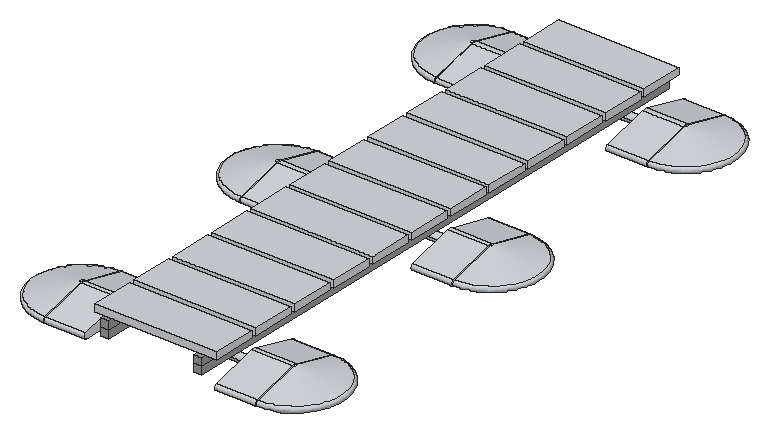
Revit family "Kee_Safety_KWM19_3M_FREE_STANDING_MODULE_75MPH", category Generic Models, host Face, Revit 2023
Family settings
  Host = Face
  Can host rebar = No
  Round Connector Dimension = Use Diameter
  Part Type = Normal
  Cut with Voids When Loaded = No
  Maintain Annotation Orientation = No
  Shared = No
  Room Calculation Point = No
Parameters
  Shipping Weight kg = "128"
  Product Range = "KeeWalk"
  Product Model Number = "WW719ASSY"
  Product Literature = "https://keesafety.co.uk/images/uploads/uk/documents/Kee_Walk_Brochure_1.pdf"
  Product Group = "KeeWalk"
  Product Family = "KeeWalk"
  Width = 1590 mm
  Overall Width = 620 mm
  Overall Length = 2983 mm
  Overall Height = 167 mm
  Material = Aluminum
  Manufacturer Website = "www.keesafety.co.uk"
  Manufacturer Country = "United Kingdom"
  Manufacturer = "Kee Safety"
  Location of Manufacturer = "Cradley Heath"
  Gross Weight kg = "128"
  Finish = "Annodized Aluminium"
  Features = "Modular Rooftop walkway to EN 516"
  Design Country = "United Kingdom"
  Description = "Kee Walk® System provides a safe, anti-slip, level walking surface for means of access to and across roofs. It provides a\r\ndemarcation route which protects the roof membrane from unnecessary foot traffic and potential damage. Pre-assembled\r\nin 3m unit."
  Default Elevation = 1219.2 mm
  Coverage Area = 3000.00 m²
  Colour = "Tread Black"
  CE Approval = yes
  Assembly Code = "KWM19"
  Annually = "Periodic inspections by a competent person are recommended by the manufacturer. In\r\nUK/Europe these are required under Regulation 5 of the Workplace (Health, Safety &\r\nWelfare) Regulations, the Work at Height Regulations and BS EN 365. The frequency will\r\ndepend upon the environment, location and usage but should be at least every 12 months.\r\nWalk and visually inspect the complete installed system in relation to the clients’ general\r\nneeds. Establish if any modifications and/or additional products are required to reflect\r\nany refurbishment requirements or additional plant & equipment which have been installed\r\nand require access.\r\nCheck installation configuration is complete as per the original installation drawing/plan.\r\nEnsure the system has not been modified or tampered with by unauthorised persons.\r\nCheck all Kee Walk are in place as per the original drawing. This is essential for longevity of\r\nthe roof.\r\nCheck all fixings are in place and correctly torqued.\r\nAny galvanised components showing signs of corrosion should be wire brushed thoroughly\r\nand galvanised spray/paint applied as appropriate. If rusted significantly, take digital\r\nphotographs and include these in the inspection report. All component and assembled\r\nparts should be kept clean, using detergent if necessary, by wiping down with a wet cloth\r\nor hosing with clean water, after which they should be wiped down with a dry cloth.\r\nWhere toe-boards are fitted check the brackets that support the toe-board are in place and\r\nsufficiently torqued.\r\nWhere applicable check fixings to walls/structures including cat ladder clamps are in place\r\nand sufficiently torqued.\r\nIf the Kee Walk becomes damaged in any, please arrange for inspection and any necessary\r\nrepair or component replacement.."
  Angle [instance] = 0.00°
Reference planes
  plane 1 "Center (Front/Back)": y = 0
  plane 2: z = 0
  plane 3 "Center (Left/Right)": x = 0
  plane 4: z = 81
  plane 5 "1": z = 75.213
  plane 6 "2": z = 73.792
  plane 7 "3": z = 57.713
  plane 8 "5": z = 41.568
  plane 9 "4": z = 56.945
  plane 10 "6": z = 40.402
Dimensions and locks
  level to plane 4 = 81 mm
  aligned and locked: plane 2 to host face
  aligned and locked: level to host face
  aligned and locked: plane 1 "Center (Front/Back)" to nested 1
Nested families
  nested 1: "KWM19 3M FREE STANDING MODULE 75MPH" at (-17.5, 0, 0), type "KWM19 3M FREE STANDING MODULE 75MPH"
Definition of nested family "KWM19 3M FREE STANDING MODULE 75MPH"
  Parameters (values of type "KWM19 3M FREE STANDING MODULE 75MPH")
    step length = 1040 mm
    part = yes
    full steps pitch = 2004 mm
    Step Material = none
    Step Angle = 0.00°
    Step Brck position = (step length / 2)  # 520 mm
    Railing Material = none
    Overall Length = 3000 mm
    Default Elevation = 1219.2 mm
    Base Material = none
  Reference planes
    plane 1 "Center (Front/Back)": y = 0
    plane 2: z = 0
    plane 3 "Center (Left/Right)": x = -67.5
    plane 4: y = 1500
    plane 5: y = -1500
    plane 6: z = 82.4
    plane 7: x = 552.5
    plane 8: x = -15
    plane 9: z = 42.4
    plane 10: x = 25
    plane 11: x = 242.5
    plane 12: y = -1260
    plane 13: y = 1250
    plane 14: y = -20
    plane 15: y = 20
    plane 16: x = 500
    plane 17: x = 460
    plane 18: y = -504
    plane 19: z = 21.2
    plane 20: x = -92.5
    plane 21: x = 577.5
    plane 22: z = 85
    plane 23: y = 1000
    plane 24: x = -302.5
    plane 25: x = -552.67
    plane 26: x = 1037.67
  Forms (mm)
    Extrusion 1, solid, not visible, detail levels fine
      sketch origin (84, 481.056, 0) x (1, 0, 0) y (0, 1, 0)
        loop
          line (-954, 1018.944) -> (-954, -2042.709) -> (1123.899, -2042.709) -> (1123.899, 1018.944) -> (-954, 1018.944)
      from 0 to -100
    Extrusion 2, solid, material <- "Base Material", detail levels fine
      sketch origin (145, 130, 0) x (1, 0, 0) y (0, 1, 0)
        loop
          line (-160, 1370) -> (-160, -1630) -> (-120, -1630) -> (-120, 1370) -> (-160, 1370)
      from 42.4 to 82.4
    Extrusion 3, solid, material <- "Base Material", detail levels fine
      sketch origin (340, 130, 0) x (-1, 0, 0) y (0, -1, 0)
        loop
          line (-160, -1370) -> (-120, -1370) -> (-120, 1630) -> (-160, 1630) -> (-160, -1370)
      from 42.4 to 82.4
    Extrusion 4, solid, detail levels fine
      sketch origin (-67.5, 0, 70) x (0, 1, 0) y (0, 0, 1)
        loop
          line (1500, 52.4) -> (1500, 87.4) -> (1275, 87.4) -> (1275, 52.4) -> (1500, 52.4)
      from 0 to 620
    Extrusion 5, solid, material <- "Railing Material", detail levels fine
      sketch origin (-70, -55.625, 88.905) x (0, 1, 0) y (0, 0, 1)
        loop
          line (1555.625, -6.505) -> (1555.625, 33.495) -> (-1444.375, 33.495) -> (-1444.375, -6.505) -> (1555.625, -6.505)
      from 55 to 95
    Extrusion 6, solid, detail levels medium
      sketch origin (0, 0, 0) x (1, 0, 0) y (0, 0, 1)
        loop
          line (-92.5, 0) -> (577.5, 0) -> (577.5, 42.4) -> (500, 42.4) -> (500, 122.4) -> (552.5, 122.4) -> (552.5, 157.4) -> (-67.5, 157.4) -> (-67.5, 122.4) -> (-15, 122.4) -> (-15, 42.4) -> (-92.5, 42.4) -> (-92.5, 0)
      from -1500 to 1500
    Extrusion 7, solid, detail levels coarse
      sketch origin (0, 0, 0) x (1, 0, 0) y (0, 0, 1)
        loop
          line (-552.67, 0) -> (1037.67, 0) -> (1037.67, 85) -> (552.5, 85) -> (552.5, 157.4) -> (-67.5, 157.4) -> (-67.5, 85) -> (-552.67, 85) -> (-552.67, 0)
      from -1500 to 1510.538
    Extrusion 8, solid, detail levels fine
      sketch origin (-70, 263.081, -74.315) x (0, 1, 0) y (0, 0, 1)
        loop
          circle (986.919, 95.515) r 21.2
        loop
          circle (-263.081, 95.515) r 21.2
        loop
          circle (-1523.081, 95.515) r 21.2
      from -22.5 to 647.5
    Extrusion 9, solid, detail levels fine
      sketch origin (162.5, -2.779, 0) x (0, 1, 0) y (0, 0, 1)
        loop
          arc (1489.027, 0) -> (1502.495, 11.913) -> (1492.314, 26.734) r 13.569
          line (1492.314, 26.734) -> (1265.501, 83.37)
          arc (1265.501, 83.37) -> (1252.418, 84.979) -> (1239.336, 83.37) r 54
          line (1239.336, 83.37) -> (1012.523, 26.734)
          arc (1012.523, 26.734) -> (1002.342, 11.913) -> (1015.81, 0) r 13.569
          line (1015.81, 0) -> (1250, 0) -> (1489.027, 0)
      from -255 to -465
    Revolve 10, solid, detail levels fine
      sketch origin (-302.5, 0, 0) x (0, 1, 0) y (0, 0, 1)
        loop
          arc (1486.609, 0) -> (1500.076, 11.913) -> (1489.896, 26.734) r 13.569
          line (1489.896, 26.734) -> (1263.082, 83.37)
          arc (1263.082, 83.37) -> (1256.59, 84.575) -> (1250, 84.979) r 54
          line (1250, 84.979) -> (1250, 0) -> (1486.609, 0)
        axis (1250, 84.979) -> (1250, 0)
      angle from 0 to 180
    Extrusion 11, solid, detail levels fine
      sketch origin (322.5, -2.779, 0) x (0, 1, 0) y (0, 0, -1)
        loop
          line (1489.027, 0) -> (1250, 0) -> (1015.81, 0)
          arc (1015.81, 0) -> (1002.342, -11.913) -> (1012.523, -26.734) r 13.569
          line (1012.523, -26.734) -> (1239.336, -83.37)
          arc (1239.336, -83.37) -> (1252.418, -84.979) -> (1265.501, -83.37) r 54
          line (1265.501, -83.37) -> (1492.314, -26.734)
          arc (1492.314, -26.734) -> (1502.495, -11.913) -> (1489.027, 0) r 13.569
      from -255 to -465
    Revolve 12, solid, detail levels fine
      sketch origin (787.5, 0, 0) x (0, 1, 0) y (0, 0, -1)
        loop
          line (1486.609, 0) -> (1250, 0) -> (1250, -84.979)
          arc (1250, -84.979) -> (1256.59, -84.575) -> (1263.082, -83.37) r 54
          line (1263.082, -83.37) -> (1489.896, -26.734)
          arc (1489.896, -26.734) -> (1500.076, -11.913) -> (1486.609, 0) r 13.569
        axis (1250, -84.979) -> (1250, 0)
      angle from 0 to 180
    Extrusion 13, solid, detail levels medium
      sketch origin (0, 0, 0) x (1, 0, 0) y (0, 1, 0)
        loop
          line (-92.5, 1500) -> (-552.67, 1500) -> (-552.67, 1000) -> (-92.5, 1000) -> (-92.5, 1500)
        loop
          line (1037.67, 1500) -> (577.5, 1500) -> (577.5, 999.462) -> (1037.67, 999.462) -> (1037.67, 1500)
      from 0 to 85
    Extrusion 14, solid, material <- "Railing Material", detail levels fine
      sketch origin (555, -55.625, 88.905) x (0, 1, 0) y (0, 0, -1)
        loop
          line (1555.625, 6.505) -> (-1444.375, 6.505) -> (-1444.375, -33.495) -> (1555.625, -33.495) -> (1555.625, 6.505)
      from 55 to 95
    Extrusion 15, solid, detail levels medium
      sketch origin (0, -1250, 0) x (1, 0, 0) y (0, 1, 0)
        loop
          line (-92.5, 1500) -> (-552.67, 1500) -> (-552.67, 1000) -> (-92.5, 1000) -> (-92.5, 1500)
        loop
          line (1037.67, 1500) -> (577.5, 1500) -> (577.5, 999.462) -> (1037.67, 999.462) -> (1037.67, 1500)
      from 0 to 85
    Extrusion 16, solid, detail levels fine
      sketch origin (162.5, -1252.779, 0) x (0, 1, 0) y (0, 0, 1)
        loop
          arc (1489.027, 0) -> (1502.495, 11.913) -> (1492.314, 26.734) r 13.569
          line (1492.314, 26.734) -> (1265.501, 83.37)
          arc (1265.501, 83.37) -> (1252.418, 84.979) -> (1239.336, 83.37) r 54
          line (1239.336, 83.37) -> (1012.523, 26.734)
          arc (1012.523, 26.734) -> (1002.342, 11.913) -> (1015.81, 0) r 13.569
          line (1015.81, 0) -> (1250, 0) -> (1489.027, 0)
      from -255 to -465
    Revolve 17, solid, detail levels fine
      sketch origin (-302.5, -1250, 0) x (0, 1, 0) y (0, 0, 1)
        loop
          arc (1486.609, 0) -> (1500.076, 11.913) -> (1489.896, 26.734) r 13.569
          line (1489.896, 26.734) -> (1263.082, 83.37)
          arc (1263.082, 83.37) -> (1256.59, 84.575) -> (1250, 84.979) r 54
          line (1250, 84.979) -> (1250, 0) -> (1486.609, 0)
        axis (1250, 84.979) -> (1250, 0)
      angle from 0 to 180
    Extrusion 18, solid, detail levels fine
      sketch origin (322.5, -1252.779, 0) x (0, 1, 0) y (0, 0, -1)
        loop
          line (1489.027, 0) -> (1250, 0) -> (1015.81, 0)
          arc (1015.81, 0) -> (1002.342, -11.913) -> (1012.523, -26.734) r 13.569
          line (1012.523, -26.734) -> (1239.336, -83.37)
          arc (1239.336, -83.37) -> (1252.418, -84.979) -> (1265.501, -83.37) r 54
          line (1265.501, -83.37) -> (1492.314, -26.734)
          arc (1492.314, -26.734) -> (1502.495, -11.913) -> (1489.027, 0) r 13.569
      from -255 to -465
    Revolve 19, solid, detail levels fine
      sketch origin (787.5, -1250, 0) x (0, 1, 0) y (0, 0, -1)
        loop
          line (1486.609, 0) -> (1250, 0) -> (1250, -84.979)
          arc (1250, -84.979) -> (1256.59, -84.575) -> (1263.082, -83.37) r 54
          line (1263.082, -83.37) -> (1489.896, -26.734)
          arc (1489.896, -26.734) -> (1500.076, -11.913) -> (1486.609, 0) r 13.569
        axis (1250, -84.979) -> (1250, 0)
      angle from 0 to 180
    Extrusion 20, solid, detail levels fine
      sketch origin (-67.5, -250, 70) x (0, 1, 0) y (0, 0, 1)
        loop
          line (1500, 52.4) -> (1500, 87.4) -> (1275, 87.4) -> (1275, 52.4) -> (1500, 52.4)
      from 0 to 625
    Extrusion 21, solid, detail levels medium
      sketch origin (0, -2510, 0) x (1, 0, 0) y (0, 1, 0)
        loop
          line (-92.5, 1500) -> (-552.67, 1500) -> (-552.67, 1000) -> (-92.5, 1000) -> (-92.5, 1500)
        loop
          line (1037.67, 1500) -> (577.5, 1500) -> (577.5, 999.462) -> (1037.67, 999.462) -> (1037.67, 1500)
      from 0 to 85
    Extrusion 22, solid, detail levels fine
      sketch origin (162.5, -2512.779, 0) x (0, 1, 0) y (0, 0, 1)
        loop
          arc (1489.027, 0) -> (1502.495, 11.913) -> (1492.314, 26.734) r 13.569
          line (1492.314, 26.734) -> (1265.501, 83.37)
          arc (1265.501, 83.37) -> (1252.418, 84.979) -> (1239.336, 83.37) r 54
          line (1239.336, 83.37) -> (1012.523, 26.734)
          arc (1012.523, 26.734) -> (1002.342, 11.913) -> (1015.81, 0) r 13.569
          line (1015.81, 0) -> (1250, 0) -> (1489.027, 0)
      from -255 to -465
    Revolve 23, solid, detail levels fine
      sketch origin (-302.5, -2510, 0) x (0, 1, 0) y (0, 0, 1)
        loop
          arc (1486.609, 0) -> (1500.076, 11.913) -> (1489.896, 26.734) r 13.569
          line (1489.896, 26.734) -> (1263.082, 83.37)
          arc (1263.082, 83.37) -> (1256.59, 84.575) -> (1250, 84.979) r 54
          line (1250, 84.979) -> (1250, 0) -> (1486.609, 0)
        axis (1250, 84.979) -> (1250, 0)
      angle from 0 to 180
    Extrusion 24, solid, detail levels fine
      sketch origin (322.5, -2512.779, 0) x (0, 1, 0) y (0, 0, -1)
        loop
          line (1489.027, 0) -> (1250, 0) -> (1015.81, 0)
          arc (1015.81, 0) -> (1002.342, -11.913) -> (1012.523, -26.734) r 13.569
          line (1012.523, -26.734) -> (1239.336, -83.37)
          arc (1239.336, -83.37) -> (1252.418, -84.979) -> (1265.501, -83.37) r 54
          line (1265.501, -83.37) -> (1492.314, -26.734)
          arc (1492.314, -26.734) -> (1502.495, -11.913) -> (1489.027, 0) r 13.569
      from -255 to -465
    Revolve 25, solid, detail levels fine
      sketch origin (787.5, -2510, 0) x (0, 1, 0) y (0, 0, -1)
        loop
          line (1486.609, 0) -> (1250, 0) -> (1250, -84.979)
          arc (1250, -84.979) -> (1256.59, -84.575) -> (1263.082, -83.37) r 54
          line (1263.082, -83.37) -> (1489.896, -26.734)
          arc (1489.896, -26.734) -> (1500.076, -11.913) -> (1486.609, 0) r 13.569
        axis (1250, -84.979) -> (1250, 0)
      angle from 0 to 180
    Extrusion 26, solid, detail levels fine
      sketch origin (-67.5, -500, 70) x (0, 1, 0) y (0, 0, 1)
        loop
          line (1500, 52.4) -> (1500, 87.4) -> (1275, 87.4) -> (1275, 52.4) -> (1500, 52.4)
      from 0 to 625
    Extrusion 27, solid, detail levels fine
      sketch origin (-67.5, -750, 70) x (0, 1, 0) y (0, 0, 1)
        loop
          line (1500, 52.4) -> (1500, 87.4) -> (1275, 87.4) -> (1275, 52.4) -> (1500, 52.4)
      from 0 to 625
    Extrusion 28, solid, detail levels fine
      sketch origin (-67.5, -1000, 70) x (0, 1, 0) y (0, 0, 1)
        loop
          line (1500, 52.4) -> (1500, 87.4) -> (1275, 87.4) -> (1275, 52.4) -> (1500, 52.4)
      from 0 to 625
    Extrusion 29, solid, detail levels fine
      sketch origin (-67.5, -1250, 70) x (0, 1, 0) y (0, 0, 1)
        loop
          line (1500, 52.4) -> (1500, 87.4) -> (1275, 87.4) -> (1275, 52.4) -> (1500, 52.4)
      from 0 to 625
    Extrusion 30, solid, detail levels fine
      sketch origin (-67.5, -1500, 70) x (0, 1, 0) y (0, 0, 1)
        loop
          line (1500, 52.4) -> (1500, 87.4) -> (1275, 87.4) -> (1275, 52.4) -> (1500, 52.4)
      from 0 to 625
    Extrusion 31, solid, detail levels fine
      sketch origin (-67.5, -1750, 70) x (0, 1, 0) y (0, 0, 1)
        loop
          line (1500, 52.4) -> (1500, 87.4) -> (1275, 87.4) -> (1275, 52.4) -> (1500, 52.4)
      from 0 to 625
    Extrusion 32, solid, detail levels fine
      sketch origin (-67.5, -2000, 70) x (0, 1, 0) y (0, 0, 1)
        loop
          line (1500, 52.4) -> (1500, 87.4) -> (1275, 87.4) -> (1275, 52.4) -> (1500, 52.4)
      from 0 to 625
    Extrusion 33, solid, detail levels fine
      sketch origin (-67.5, -2250, 70) x (0, 1, 0) y (0, 0, 1)
        loop
          line (1500, 52.4) -> (1500, 87.4) -> (1275, 87.4) -> (1275, 52.4) -> (1500, 52.4)
      from 0 to 625
    Extrusion 34, solid, detail levels fine
      sketch origin (-67.5, -2500, 70) x (0, 1, 0) y (0, 0, 1)
        loop
          line (1500, 52.4) -> (1500, 87.4) -> (1275, 87.4) -> (1275, 52.4) -> (1500, 52.4)
      from 0 to 625
    Extrusion 35, solid, detail levels fine
      sketch origin (-67.5, -2750, 70) x (0, 1, 0) y (0, 0, 1)
        loop
          line (1500, 52.4) -> (1500, 87.4) -> (1275, 87.4) -> (1275, 52.4) -> (1500, 52.4)
      from 0 to 625
  Dimensions and locks
    plane 6 to level = 82.4 mm
    locked: plane 6 to plane 9 at 40
    locked: plane 10 to plane 8 at 40
    locked: plane 12 to plane 5 at 240
    locked: plane 15 to plane 14 at 40
    locked: plane 17 to plane 16 at 40
    equal spacing: plane 4, plane 1 "Center (Front/Back)", plane 5
    plane 4 to plane 13 = 250 mm
    plane 15 to plane 1 "Center (Front/Back)" = 20 mm
    plane 7 to plane 3 "Center (Left/Right)" = 620 mm
    equal spacing: plane 7, plane 11, plane 3 "Center (Left/Right)"
    equal spacing: plane 17, plane 11, plane 10
    plane 17 to plane 10 = 435 mm
    "full steps pitch": plane 4 to plane 18
    locked: Extrusion 4 sketch curve to Extrusion 4 sketch curve at 35
    locked: Extrusion 4 sketch curve to Extrusion 4 sketch curve at 225
    locked: Extrusion 5 sketch curve to Extrusion 5 sketch curve at 40
    "Overall Length": plane 4 to plane 5
    plane 1 "Center (Front/Back)" to plane 15 = 20 mm
    locked: plane 19 to level at 21.2
    locked: plane 4 to Extrusion 8 sketch curve at 250
    locked: Extrusion 8 sketch curve to Extrusion 1 at 21.2
    equal spacing: plane 21, plane 11, plane 20
    locked: plane 21 to plane 20 at 670
    locked: plane 22 to level at 85
    locked: plane 13 to plane 23 at 250
    locked: plane 20 to plane 24 at 210
    plane 25 to plane 26 = 1590.34 mm
    equal spacing: plane 25, plane 11, plane 26
    locked: Extrusion 14 sketch curve to Extrusion 14 sketch curve at 40
    locked: Extrusion 20 sketch curve to Extrusion 20 sketch curve at 35
    locked: Extrusion 20 sketch curve to Extrusion 20 sketch curve at 225
    locked: Extrusion 26 sketch curve to Extrusion 26 sketch curve at 35
    locked: Extrusion 26 sketch curve to Extrusion 26 sketch curve at 225
    equal spacing: group 1, group 2, group 3, group 4, group 5, group 6, group 7, group 8, group 9, group 10, group 11  (x2)
    equal spacing: group 11, group 10, group 9, group 8, group 7, group 6, group 5, group 4, group 3, group 2, group 1
    locked: Extrusion 27 sketch curve to Extrusion 27 sketch curve at 35
    locked: Extrusion 27 sketch curve to Extrusion 27 sketch curve at 225
    locked: Extrusion 28 sketch curve to Extrusion 28 sketch curve at 35
    locked: Extrusion 28 sketch curve to Extrusion 28 sketch curve at 225
    locked: Extrusion 29 sketch curve to Extrusion 29 sketch curve at 35
    locked: Extrusion 29 sketch curve to Extrusion 29 sketch curve at 225
    locked: Extrusion 30 sketch curve to Extrusion 30 sketch curve at 35
    locked: Extrusion 30 sketch curve to Extrusion 30 sketch curve at 225
    locked: Extrusion 31 sketch curve to Extrusion 31 sketch curve at 35
    locked: Extrusion 31 sketch curve to Extrusion 31 sketch curve at 225
    locked: Extrusion 32 sketch curve to Extrusion 32 sketch curve at 35
    locked: Extrusion 32 sketch curve to Extrusion 32 sketch curve at 225
    locked: Extrusion 33 sketch curve to Extrusion 33 sketch curve at 35
    locked: Extrusion 33 sketch curve to Extrusion 33 sketch curve at 225
    locked: Extrusion 34 sketch curve to Extrusion 34 sketch curve at 35
    locked: Extrusion 34 sketch curve to Extrusion 34 sketch curve at 225
    locked: Extrusion 35 sketch curve to Extrusion 35 sketch curve at 35
    locked: Extrusion 35 sketch curve to Extrusion 35 sketch curve at 225
    aligned and locked: plane 2 to Extrusion 1
    aligned and locked: level to Extrusion 1
    aligned and locked: plane 6 to Extrusion 2
    aligned and locked: Extrusion 2 to plane 9
    aligned and locked: Extrusion 2 to plane 8
    aligned and locked: plane 10 to Extrusion 2
    aligned and locked: Extrusion 2 to plane 4
    aligned and locked: plane 5 to Extrusion 2
    aligned and locked: plane 7 to Extrusion 4
    aligned and locked: Extrusion 4 to plane 3 "Center (Left/Right)"
    aligned and locked: Extrusion 6 sketch curve to level
    aligned and locked: plane 9 to Extrusion 6 sketch curve  (x2)
    aligned and locked: Extrusion 6 sketch curve to plane 8
    aligned and locked: Extrusion 7 sketch curve to level
    aligned and locked: plane 7 to Extrusion 7 sketch curve
    aligned and locked: Extrusion 7 sketch curve to plane 3 "Center (Left/Right)"
    aligned and locked: Extrusion 6 to plane 4
    aligned and locked: plane 5 to Extrusion 6
    aligned and locked: Extrusion 5 sketch curve to plane 6
    aligned and locked: Extrusion 5 sketch curve to plane 4
    aligned and locked: plane 5 to Extrusion 5 sketch curve
    aligned and locked: plane 4 to Extrusion 4 sketch curve
    aligned and locked: Extrusion 4 to Extrusion 5
    aligned and locked: Extrusion 5 to Extrusion 2
    aligned and locked: Extrusion 2 to Extrusion 5
    aligned and locked: Extrusion 8 to plane 20
    aligned and locked: plane 21 to Extrusion 8
    aligned and locked: Extrusion 9 to plane 24
    aligned and locked: Extrusion 9 to Extrusion 8
    aligned and locked: plane 22 to Extrusion 7  (x2)
    aligned and locked: plane 25 to Extrusion 7
    aligned and locked: plane 26 to Extrusion 7
    aligned and locked: Extrusion 6 to Extrusion 8  (x2)
    aligned and locked: Extrusion 6 to Extrusion 13 sketch curve
    aligned and locked: Extrusion 13 sketch curve to Extrusion 6
    aligned and locked: plane 23 to Extrusion 13 sketch curve
    aligned and locked: plane 25 to Extrusion 13 sketch curve
    aligned and locked: Extrusion 13 sketch curve to Extrusion 7
    aligned and locked: Extrusion 7 to Extrusion 13 sketch curve
    aligned and locked: Extrusion 13 sketch curve to Extrusion 11
    aligned and locked: Extrusion 13 to Extrusion 7
    aligned and locked: plane 6 to Extrusion 3
    aligned and locked: plane 17 to Extrusion 3
    aligned and locked: Extrusion 3 to plane 16
    aligned and locked: Extrusion 14 to Extrusion 4
    aligned and locked: Extrusion 14 to plane 6
    aligned and locked: Extrusion 14 to plane 16
    aligned and locked: Extrusion 6 sketch curve to Extrusion 4  (x2)
    aligned and locked: Extrusion 6 sketch curve to plane 7
    aligned and locked: plane 3 "Center (Left/Right)" to Extrusion 6 sketch curve
    aligned and locked: Extrusion 6 sketch curve to Extrusion 6 sketch curve
    aligned and locked: Extrusion 7 to Extrusion 21
  Automatic sketch dimensions
    Extrusion 1 sketch curve to Extrusion 1 sketch curve = 2077.899 mm
    Extrusion 1 sketch curve to Extrusion 1 sketch curve = 3061.653 mm
    plane 5 to Extrusion 2 sketch curve = 0 mm
    Extrusion 2 sketch curve to plane 8 = 0 mm
    Extrusion 2 sketch curve to plane 10 = 0 mm
    plane 4 to Extrusion 2 sketch curve = 0 mm
    plane 5 to Extrusion 3 sketch curve = 0 mm
    Extrusion 3 sketch curve to plane 16 = 0 mm
    Extrusion 3 sketch curve to plane 17 = 0 mm
    plane 4 to Extrusion 3 sketch curve = 0 mm
    plane 22 to Extrusion 4 sketch curve = 37.4 mm
    Extrusion 6 sketch curve to plane 20 = 0 mm
    plane 16 to Extrusion 6 sketch curve = 0 mm
    Extrusion 6 sketch curve to plane 21 = 0 mm
    plane 25 to Extrusion 7 sketch curve = 0 mm
    Extrusion 7 sketch curve to plane 26 = 0 mm
    Extrusion 7 sketch curve to plane 22 = 0 mm  (x2)
    Extrusion 7 sketch curve to Extrusion 7 sketch curve = 72.4 mm
    Extrusion 8 sketch curve to plane 12 = 0 mm
    Extrusion 8 sketch curve to plane 1 "Center (Front/Back)" = 0 mm
    Extrusion 8 sketch curve to plane 19 = 0 mm  (x2)
    Extrusion 9 sketch curve to level = 0 mm
    plane 19 to Extrusion 9 sketch curve = 5.534 mm  (x2)
    Extrusion 9 sketch curve to plane 23 = 9.744 mm
    Extrusion 9 sketch curve to plane 19 = 7.631 mm
    plane 6 to Extrusion 9 sketch curve = 0.97 mm  (x2)
    Extrusion 9 sketch curve to plane 13 = 13.443 mm
    Extrusion 9 sketch curve to plane 13 = 2.779 mm
    Extrusion 9 sketch curve to plane 13 = 0.36 mm
    plane 4 to Extrusion 9 sketch curve = 13.752 mm
    plane 4 to Extrusion 9 sketch curve = 10.464 mm
    plane 19 to Extrusion 9 sketch curve = 9.779 mm
    Revolve 10 sketch curve to plane 13 = 0 mm  (x2)
    Revolve 10 sketch curve to level = 0 mm
    plane 6 to Revolve 10 sketch curve = 0.97 mm
    plane 13 to Revolve 10 sketch curve = 13.082 mm
    plane 4 to Revolve 10 sketch curve = 13.391 mm
    plane 19 to Revolve 10 sketch curve = 5.534 mm
    plane 4 to Revolve 10 sketch curve = 10.104 mm
    plane 19 to Revolve 10 sketch curve = 9.779 mm
    Revolve 10 sketch curve to Revolve 10 sketch curve = 204.931 mm
    plane 22 to Revolve 10 sketch curve = 200.069 mm
    Extrusion 11 sketch curve to level = 0 mm
    plane 19 to Extrusion 11 sketch curve = 5.534 mm  (x2)
    Extrusion 11 sketch curve to plane 23 = 9.744 mm
    Extrusion 11 sketch curve to plane 19 = 7.631 mm
    plane 6 to Extrusion 11 sketch curve = 0.97 mm  (x2)
    Extrusion 11 sketch curve to plane 13 = 13.443 mm
    Extrusion 11 sketch curve to plane 13 = 2.779 mm
    Extrusion 11 sketch curve to plane 13 = 0.36 mm
    plane 4 to Extrusion 11 sketch curve = 13.752 mm
    plane 4 to Extrusion 11 sketch curve = 10.464 mm
    plane 19 to Extrusion 11 sketch curve = 9.779 mm
    Revolve 12 sketch curve to plane 13 = 0 mm  (x2)
    Revolve 12 sketch curve to level = 0 mm
    plane 6 to Revolve 12 sketch curve = 0.97 mm
    plane 13 to Revolve 12 sketch curve = 13.082 mm
    plane 4 to Revolve 12 sketch curve = 13.391 mm
    plane 19 to Revolve 12 sketch curve = 5.534 mm
    plane 4 to Revolve 12 sketch curve = 10.104 mm
    Revolve 12 sketch curve to plane 22 = 0.021 mm
    plane 22 to Revolve 12 sketch curve = 200.069 mm
    Revolve 12 sketch curve to Revolve 12 sketch curve = 204.931 mm
    plane 23 to Extrusion 13 sketch curve = 0.538 mm
    Extrusion 14 sketch curve to plane 5 = 0 mm
    Extrusion 14 sketch curve to plane 4 = 0 mm
    Extrusion 14 sketch curve to plane 6 = 0 mm
    Extrusion 15 sketch curve to plane 25 = 0 mm
    Extrusion 15 sketch curve to plane 20 = 0 mm
    Extrusion 15 sketch curve to plane 21 = 0 mm
    Extrusion 15 sketch curve to plane 26 = 0 mm
    Extrusion 15 sketch curve to plane 14 = 230.538 mm
    Extrusion 15 sketch curve to plane 14 = 230 mm
    plane 15 to Extrusion 15 sketch curve = 230 mm  (x2)
    Extrusion 16 sketch curve to level = 0 mm
    plane 19 to Extrusion 16 sketch curve = 5.534 mm  (x2)
    Extrusion 16 sketch curve to plane 14 = 220.256 mm
    Extrusion 16 sketch curve to plane 19 = 7.631 mm  (x2)
    plane 6 to Extrusion 16 sketch curve = 0.97 mm  (x2)
    plane 14 to Extrusion 16 sketch curve = 6.557 mm
    plane 1 "Center (Front/Back)" to Extrusion 16 sketch curve = 2.779 mm
    plane 1 "Center (Front/Back)" to Extrusion 16 sketch curve = 0.36 mm
    plane 15 to Extrusion 16 sketch curve = 216.248 mm
    plane 19 to Extrusion 16 sketch curve = 9.779 mm
    Revolve 17 sketch curve to plane 1 "Center (Front/Back)" = 0 mm  (x2)
    Revolve 17 sketch curve to level = 0 mm
    plane 6 to Revolve 17 sketch curve = 0.97 mm
    Revolve 17 sketch curve to plane 15 = 6.918 mm
    Revolve 17 sketch curve to plane 19 = 7.631 mm
    plane 15 to Revolve 17 sketch curve = 216.609 mm
    plane 19 to Revolve 17 sketch curve = 5.534 mm
    plane 19 to Revolve 17 sketch curve = 9.779 mm
    Revolve 17 sketch curve to Revolve 17 sketch curve = 204.931 mm
    plane 22 to Revolve 17 sketch curve = 200.069 mm
    Extrusion 18 sketch curve to level = 0 mm
    plane 19 to Extrusion 18 sketch curve = 5.534 mm  (x2)
    Extrusion 18 sketch curve to plane 14 = 220.256 mm
    Extrusion 18 sketch curve to plane 19 = 7.631 mm  (x2)
    plane 6 to Extrusion 18 sketch curve = 0.97 mm  (x2)
    plane 14 to Extrusion 18 sketch curve = 6.557 mm
    plane 1 "Center (Front/Back)" to Extrusion 18 sketch curve = 2.779 mm
    plane 1 "Center (Front/Back)" to Extrusion 18 sketch curve = 0.36 mm
    plane 15 to Extrusion 18 sketch curve = 216.248 mm
    plane 19 to Extrusion 18 sketch curve = 9.779 mm
    Revolve 19 sketch curve to plane 1 "Center (Front/Back)" = 0 mm  (x2)
    Revolve 19 sketch curve to level = 0 mm
    plane 6 to Revolve 19 sketch curve = 0.97 mm
    Revolve 19 sketch curve to plane 15 = 6.918 mm
    Revolve 19 sketch curve to plane 19 = 7.631 mm
    plane 15 to Revolve 19 sketch curve = 216.609 mm
    plane 19 to Revolve 19 sketch curve = 5.534 mm
    Revolve 19 sketch curve to plane 22 = 0.021 mm
    plane 22 to Revolve 19 sketch curve = 200.069 mm
    Revolve 19 sketch curve to Revolve 19 sketch curve = 204.931 mm
    Extrusion 21 sketch curve to plane 25 = 0 mm
    Extrusion 21 sketch curve to plane 20 = 0 mm
    Extrusion 21 sketch curve to plane 21 = 0 mm
    Extrusion 21 sketch curve to plane 26 = 0 mm
    plane 5 to Extrusion 21 sketch curve = 10.538 mm
    plane 5 to Extrusion 21 sketch curve = 10 mm
    Extrusion 21 sketch curve to plane 12 = 250 mm  (x2)
    Extrusion 22 sketch curve to level = 0 mm
    plane 5 to Extrusion 22 sketch curve = 0.256 mm
    Extrusion 22 sketch curve to plane 5 = 3.031 mm
    plane 6 to Extrusion 22 sketch curve = 0.97 mm  (x2)
    plane 12 to Extrusion 22 sketch curve = 13.443 mm
    plane 12 to Extrusion 22 sketch curve = 2.779 mm
    plane 12 to Extrusion 22 sketch curve = 0.36 mm
    Extrusion 22 sketch curve to plane 19 = 7.631 mm  (x2)
    Extrusion 22 sketch curve to Extrusion 22 sketch curve = 223.526 mm
    plane 19 to Extrusion 22 sketch curve = 5.534 mm
    plane 19 to Extrusion 22 sketch curve = 9.779 mm
    Revolve 23 sketch curve to plane 12 = 0 mm  (x2)
    Revolve 23 sketch curve to level = 0 mm
    plane 6 to Revolve 23 sketch curve = 0.97 mm
    Revolve 23 sketch curve to plane 12 = 13.082 mm
    Revolve 23 sketch curve to plane 19 = 7.631 mm
    Revolve 23 sketch curve to Revolve 23 sketch curve = 223.526 mm
    plane 19 to Revolve 23 sketch curve = 5.534 mm
    plane 19 to Revolve 23 sketch curve = 9.779 mm
    Revolve 23 sketch curve to level = 204.931 mm
    plane 22 to Revolve 23 sketch curve = 200.069 mm
    Extrusion 24 sketch curve to level = 0 mm
    plane 5 to Extrusion 24 sketch curve = 0.256 mm
    Extrusion 24 sketch curve to plane 5 = 3.031 mm
    plane 6 to Extrusion 24 sketch curve = 0.97 mm  (x2)
    plane 12 to Extrusion 24 sketch curve = 13.443 mm
    plane 12 to Extrusion 24 sketch curve = 2.779 mm
    plane 12 to Extrusion 24 sketch curve = 0.36 mm
    Extrusion 24 sketch curve to plane 19 = 7.631 mm
    Extrusion 24 sketch curve to Extrusion 24 sketch curve = 223.526 mm
    plane 19 to Extrusion 24 sketch curve = 5.534 mm  (x2)
    plane 19 to Extrusion 24 sketch curve = 9.779 mm
    Revolve 25 sketch curve to plane 12 = 0 mm  (x2)
    Revolve 25 sketch curve to level = 0 mm
    plane 6 to Revolve 25 sketch curve = 0.97 mm
    Revolve 25 sketch curve to plane 12 = 13.082 mm
    Revolve 25 sketch curve to plane 19 = 7.631 mm
    Revolve 25 sketch curve to Revolve 25 sketch curve = 223.526 mm
    plane 19 to Revolve 25 sketch curve = 5.534 mm
    Revolve 25 sketch curve to plane 22 = 0.021 mm
    plane 22 to Revolve 25 sketch curve = 200.069 mm
    Revolve 25 sketch curve to level = 204.931 mm
    radius of Extrusion 8 sketch curve = 21.2 mm  (x3)
